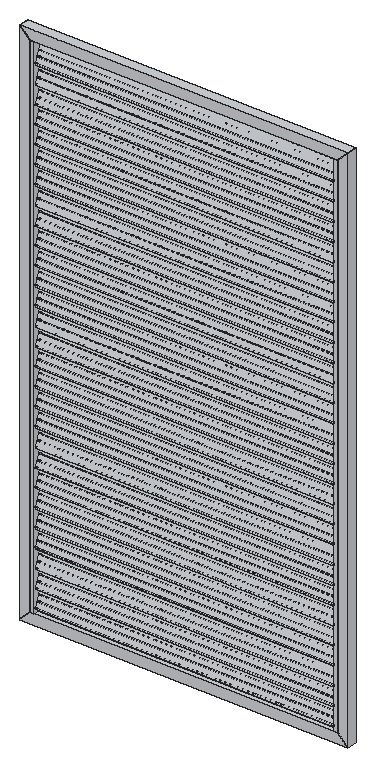
Revit family "95 Bella Vista Horizontal End Fixed", category Generic Models, Revit 2018 (continued)
Forms (mm)
  Extrusion 26, solid, material <- "Framing"
    sketch origin (0, 1.946, 1889.879) x (0, 0.999848, 0.017452) y (0, -0.017452, 0.999848)
      loop
        arc (-20.067, 68.319) -> (-19.684, 68.328) -> (-19.42, 68.604) r 0.5
        line (-19.42, 68.604) -> (-18.895, 69.956)
        arc (-18.895, 69.956) -> (-19.123, 70.473) -> (-19.641, 70.245) r 0.4
        line (-19.641, 70.245) -> (-19.985, 69.36) -> (-21.196, 69.831) -> (-19.169, 75.051) -> (-17.957, 74.58) -> (-18.265, 73.787)
        arc (-18.265, 73.787) -> (-18.037, 73.27) -> (-17.519, 73.498) r 0.4
        line (-17.519, 73.498) -> (-17.066, 74.663) -> (-9.376, 71.676) -> (22.489, 153.704) -> (16.57, 156.003)
    from -746.5 to 746.5
  Extrusion 27, solid, material <- "Framing"
    sketch origin (0, 1.946, 1979.879) x (0, 0.999848, 0.017452) y (0, -0.017452, 0.999848)
      loop
        arc (-4.719, 95.957) -> (-4.817, 99.085) -> (-7.001, 96.844) r 1.7
        arc (-7.001, 96.844) -> (-7.349, 95.993) -> (-8.2, 96.342) r 0.65
        arc (-8.2, 96.342) -> (-8.41, 97.135) -> (-8.398, 97.955) r 3
        line (-8.398, 97.955) -> (-9.746, 98.478) -> (-18.273, 76.527) -> (-10.117, 73.358) -> (-1.59, 95.31) -> (-2.938, 95.834)
        arc (-2.938, 95.834) -> (-3.482, 95.22) -> (-4.173, 94.777) r 3
        arc (-4.173, 94.777) -> (-5.036, 95.094) -> (-4.719, 95.957) r 0.65
      loop
        arc (7.925, 123.798) -> (4.344, 122.668) -> (2.465, 125.919) r 3
        line (2.465, 125.919) -> (1.117, 126.443) -> (-9.275, 99.69) -> (-7.927, 99.166)
        arc (-7.927, 99.166) -> (-4.346, 100.296) -> (-2.467, 97.045) r 3
        line (-2.467, 97.045) -> (-1.119, 96.522) -> (9.273, 123.274) -> (7.925, 123.798)
      loop
        arc (8.198, 126.623) -> (8.408, 125.83) -> (8.396, 125.01) r 3
        line (8.396, 125.01) -> (9.744, 124.486) -> (20.806, 152.963) -> (16.845, 154.502) -> (14.491, 148.443)
        arc (14.491, 148.443) -> (14.227, 148.166) -> (13.844, 148.158) r 0.5
        line (13.844, 148.158) -> (10.116, 149.606) -> (1.588, 127.654) -> (2.936, 127.131)
        arc (2.936, 127.131) -> (3.481, 127.744) -> (4.171, 128.187) r 3
        arc (4.171, 128.187) -> (5.034, 127.87) -> (4.717, 127.007) r 0.65
        arc (4.717, 127.007) -> (4.815, 123.88) -> (6.999, 126.121) r 1.7
        arc (6.999, 126.121) -> (7.347, 126.971) -> (8.198, 126.623) r 0.65
      loop
        arc (16.57, 156.003) -> (16.187, 155.995) -> (15.923, 155.718) r 0.5
        line (15.923, 155.718) -> (13.569, 149.659) -> (9.374, 151.289) -> (-22.491, 69.261) -> (-20.067, 68.319)
        arc (-20.067, 68.319) -> (-19.684, 68.328) -> (-19.42, 68.604) r 0.5
        line (-19.42, 68.604) -> (-18.895, 69.956)
        arc (-18.895, 69.956) -> (-19.123, 70.473) -> (-19.641, 70.245) r 0.4
        line (-19.641, 70.245) -> (-19.985, 69.36) -> (-21.196, 69.831) -> (-19.169, 75.051) -> (-17.957, 74.58) -> (-18.265, 73.787)
        arc (-18.265, 73.787) -> (-18.037, 73.27) -> (-17.519, 73.498) r 0.4
        line (-17.519, 73.498) -> (-17.066, 74.663) -> (-9.376, 71.676) -> (22.489, 153.704) -> (16.57, 156.003)
    from -746.5 to 746.5
  Extrusion 28, solid, material <- "Framing"
    sketch origin (0, 1.946, 2069.879) x (0, 0.999848, 0.017452) y (0, -0.017452, 0.999848)
      loop
        arc (-4.719, 95.957) -> (-4.817, 99.085) -> (-7.001, 96.844) r 1.7
        arc (-7.001, 96.844) -> (-7.349, 95.993) -> (-8.2, 96.342) r 0.65
        arc (-8.2, 96.342) -> (-8.41, 97.135) -> (-8.398, 97.955) r 3
        line (-8.398, 97.955) -> (-9.746, 98.478) -> (-18.273, 76.527) -> (-10.117, 73.358) -> (-1.59, 95.31) -> (-2.938, 95.834)
        arc (-2.938, 95.834) -> (-3.482, 95.22) -> (-4.173, 94.777) r 3
        arc (-4.173, 94.777) -> (-5.036, 95.094) -> (-4.719, 95.957) r 0.65
      loop
        arc (7.925, 123.798) -> (4.344, 122.668) -> (2.465, 125.919) r 3
        line (2.465, 125.919) -> (1.117, 126.443) -> (-9.275, 99.69) -> (-7.927, 99.166)
        arc (-7.927, 99.166) -> (-4.346, 100.296) -> (-2.467, 97.045) r 3
        line (-2.467, 97.045) -> (-1.119, 96.522) -> (9.273, 123.274) -> (7.925, 123.798)
      loop
        arc (8.198, 126.623) -> (8.408, 125.83) -> (8.396, 125.01) r 3
        line (8.396, 125.01) -> (9.744, 124.486) -> (20.806, 152.963) -> (16.845, 154.502) -> (14.491, 148.443)
        arc (14.491, 148.443) -> (14.227, 148.166) -> (13.844, 148.158) r 0.5
        line (13.844, 148.158) -> (10.116, 149.606) -> (1.588, 127.654) -> (2.936, 127.131)
        arc (2.936, 127.131) -> (3.481, 127.744) -> (4.171, 128.187) r 3
        arc (4.171, 128.187) -> (5.034, 127.87) -> (4.717, 127.007) r 0.65
        arc (4.717, 127.007) -> (4.815, 123.88) -> (6.999, 126.121) r 1.7
        arc (6.999, 126.121) -> (7.347, 126.971) -> (8.198, 126.623) r 0.65
      loop
        arc (16.57, 156.003) -> (16.187, 155.995) -> (15.923, 155.718) r 0.5
        line (15.923, 155.718) -> (13.569, 149.659) -> (9.374, 151.289) -> (-22.491, 69.261) -> (-20.067, 68.319)
        arc (-20.067, 68.319) -> (-19.684, 68.328) -> (-19.42, 68.604) r 0.5
        line (-19.42, 68.604) -> (-18.895, 69.956)
        arc (-18.895, 69.956) -> (-19.123, 70.473) -> (-19.641, 70.245) r 0.4
        line (-19.641, 70.245) -> (-19.985, 69.36) -> (-21.196, 69.831) -> (-19.169, 75.051) -> (-17.957, 74.58) -> (-18.265, 73.787)
        arc (-18.265, 73.787) -> (-18.037, 73.27) -> (-17.519, 73.498) r 0.4
        line (-17.519, 73.498) -> (-17.066, 74.663) -> (-9.376, 71.676) -> (22.489, 153.704) -> (16.57, 156.003)
    from -746.5 to 746.5
  Extrusion 29, solid, material <- "Framing"
    sketch origin (0, 1.946, 2159.879) x (0, 0.999848, 0.017452) y (0, -0.017452, 0.999848)
      loop
        arc (-4.719, 95.957) -> (-4.817, 99.085) -> (-7.001, 96.844) r 1.7
        arc (-7.001, 96.844) -> (-7.349, 95.993) -> (-8.2, 96.342) r 0.65
        arc (-8.2, 96.342) -> (-8.41, 97.135) -> (-8.398, 97.955) r 3
        line (-8.398, 97.955) -> (-9.746, 98.478) -> (-18.273, 76.527) -> (-10.117, 73.358) -> (-1.59, 95.31) -> (-2.938, 95.834)
        arc (-2.938, 95.834) -> (-3.482, 95.22) -> (-4.173, 94.777) r 3
        arc (-4.173, 94.777) -> (-5.036, 95.094) -> (-4.719, 95.957) r 0.65
      loop
        arc (7.925, 123.798) -> (4.344, 122.668) -> (2.465, 125.919) r 3
        line (2.465, 125.919) -> (1.117, 126.443) -> (-9.275, 99.69) -> (-7.927, 99.166)
        arc (-7.927, 99.166) -> (-4.346, 100.296) -> (-2.467, 97.045) r 3
        line (-2.467, 97.045) -> (-1.119, 96.522) -> (9.273, 123.274) -> (7.925, 123.798)
      loop
        arc (8.198, 126.623) -> (8.408, 125.83) -> (8.396, 125.01) r 3
        line (8.396, 125.01) -> (9.744, 124.486) -> (20.806, 152.963) -> (16.845, 154.502) -> (14.491, 148.443)
        arc (14.491, 148.443) -> (14.227, 148.166) -> (13.844, 148.158) r 0.5
        line (13.844, 148.158) -> (10.116, 149.606) -> (1.588, 127.654) -> (2.936, 127.131)
        arc (2.936, 127.131) -> (3.481, 127.744) -> (4.171, 128.187) r 3
        arc (4.171, 128.187) -> (5.034, 127.87) -> (4.717, 127.007) r 0.65
        arc (4.717, 127.007) -> (4.815, 123.88) -> (6.999, 126.121) r 1.7
        arc (6.999, 126.121) -> (7.347, 126.971) -> (8.198, 126.623) r 0.65
      loop
        arc (16.57, 156.003) -> (16.187, 155.995) -> (15.923, 155.718) r 0.5
        line (15.923, 155.718) -> (13.569, 149.659) -> (9.374, 151.289) -> (-22.491, 69.261) -> (-20.067, 68.319)
        arc (-20.067, 68.319) -> (-19.684, 68.328) -> (-19.42, 68.604) r 0.5
        line (-19.42, 68.604) -> (-18.895, 69.956)
        arc (-18.895, 69.956) -> (-19.123, 70.473) -> (-19.641, 70.245) r 0.4
        line (-19.641, 70.245) -> (-19.985, 69.36) -> (-21.196, 69.831) -> (-19.169, 75.051) -> (-17.957, 74.58) -> (-18.265, 73.787)
        arc (-18.265, 73.787) -> (-18.037, 73.27) -> (-17.519, 73.498) r 0.4
        line (-17.519, 73.498) -> (-17.066, 74.663) -> (-9.376, 71.676) -> (22.489, 153.704) -> (16.57, 156.003)
    from -746.5 to 746.5
  Extrusion 30, solid, material <- "Framing"
    sketch origin (0, 1.946, 2249.879) x (0, 0.999848, 0.017452) y (0, -0.017452, 0.999848)
      loop
        arc (-4.719, 95.957) -> (-4.817, 99.085) -> (-7.001, 96.844) r 1.7
        arc (-7.001, 96.844) -> (-7.349, 95.993) -> (-8.2, 96.342) r 0.65
        arc (-8.2, 96.342) -> (-8.41, 97.135) -> (-8.398, 97.955) r 3
        line (-8.398, 97.955) -> (-9.746, 98.478) -> (-18.273, 76.527) -> (-10.117, 73.358) -> (-1.59, 95.31) -> (-2.938, 95.834)
        arc (-2.938, 95.834) -> (-3.482, 95.22) -> (-4.173, 94.777) r 3
        arc (-4.173, 94.777) -> (-5.036, 95.094) -> (-4.719, 95.957) r 0.65
      loop
        arc (7.925, 123.798) -> (4.344, 122.668) -> (2.465, 125.919) r 3
        line (2.465, 125.919) -> (1.117, 126.443) -> (-9.275, 99.69) -> (-7.927, 99.166)
        arc (-7.927, 99.166) -> (-4.346, 100.296) -> (-2.467, 97.045) r 3
        line (-2.467, 97.045) -> (-1.119, 96.522) -> (9.273, 123.274) -> (7.925, 123.798)
      loop
        arc (8.198, 126.623) -> (8.408, 125.83) -> (8.396, 125.01) r 3
        line (8.396, 125.01) -> (9.744, 124.486) -> (20.806, 152.963) -> (16.845, 154.502) -> (14.491, 148.443)
        arc (14.491, 148.443) -> (14.227, 148.166) -> (13.844, 148.158) r 0.5
        line (13.844, 148.158) -> (10.116, 149.606) -> (1.588, 127.654) -> (2.936, 127.131)
        arc (2.936, 127.131) -> (3.481, 127.744) -> (4.171, 128.187) r 3
        arc (4.171, 128.187) -> (5.034, 127.87) -> (4.717, 127.007) r 0.65
        arc (4.717, 127.007) -> (4.815, 123.88) -> (6.999, 126.121) r 1.7
        arc (6.999, 126.121) -> (7.347, 126.971) -> (8.198, 126.623) r 0.65
      loop
        arc (16.57, 156.003) -> (16.187, 155.995) -> (15.923, 155.718) r 0.5
        line (15.923, 155.718) -> (13.569, 149.659) -> (9.374, 151.289) -> (-22.491, 69.261) -> (-20.067, 68.319)
        arc (-20.067, 68.319) -> (-19.684, 68.328) -> (-19.42, 68.604) r 0.5
        line (-19.42, 68.604) -> (-18.895, 69.956)
        arc (-18.895, 69.956) -> (-19.123, 70.473) -> (-19.641, 70.245) r 0.4
        line (-19.641, 70.245) -> (-19.985, 69.36) -> (-21.196, 69.831) -> (-19.169, 75.051) -> (-17.957, 74.58) -> (-18.265, 73.787)
        arc (-18.265, 73.787) -> (-18.037, 73.27) -> (-17.519, 73.498) r 0.4
        line (-17.519, 73.498) -> (-17.066, 74.663) -> (-9.376, 71.676) -> (22.489, 153.704) -> (16.57, 156.003)
    from -746.5 to 746.5
  Extrusion 31, solid, material <- "Framing"
    sketch origin (0, 1.946, 2339.879) x (0, 0.999848, 0.017452) y (0, -0.017452, 0.999848)
      loop
        arc (-4.719, 95.957) -> (-4.817, 99.085) -> (-7.001, 96.844) r 1.7
        arc (-7.001, 96.844) -> (-7.349, 95.993) -> (-8.2, 96.342) r 0.65
        arc (-8.2, 96.342) -> (-8.41, 97.135) -> (-8.398, 97.955) r 3
        line (-8.398, 97.955) -> (-9.746, 98.478) -> (-18.273, 76.527) -> (-10.117, 73.358) -> (-1.59, 95.31) -> (-2.938, 95.834)
        arc (-2.938, 95.834) -> (-3.482, 95.22) -> (-4.173, 94.777) r 3
        arc (-4.173, 94.777) -> (-5.036, 95.094) -> (-4.719, 95.957) r 0.65
      loop
        arc (7.925, 123.798) -> (4.344, 122.668) -> (2.465, 125.919) r 3
        line (2.465, 125.919) -> (1.117, 126.443) -> (-9.275, 99.69) -> (-7.927, 99.166)
        arc (-7.927, 99.166) -> (-4.346, 100.296) -> (-2.467, 97.045) r 3
        line (-2.467, 97.045) -> (-1.119, 96.522) -> (9.273, 123.274) -> (7.925, 123.798)
      loop
        arc (8.198, 126.623) -> (8.408, 125.83) -> (8.396, 125.01) r 3
        line (8.396, 125.01) -> (9.744, 124.486) -> (20.806, 152.963) -> (16.845, 154.502) -> (14.491, 148.443)
        arc (14.491, 148.443) -> (14.227, 148.166) -> (13.844, 148.158) r 0.5
        line (13.844, 148.158) -> (10.116, 149.606) -> (1.588, 127.654) -> (2.936, 127.131)
        arc (2.936, 127.131) -> (3.481, 127.744) -> (4.171, 128.187) r 3
        arc (4.171, 128.187) -> (5.034, 127.87) -> (4.717, 127.007) r 0.65
        arc (4.717, 127.007) -> (4.815, 123.88) -> (6.999, 126.121) r 1.7
        arc (6.999, 126.121) -> (7.347, 126.971) -> (8.198, 126.623) r 0.65
      loop
        arc (16.57, 156.003) -> (16.187, 155.995) -> (15.923, 155.718) r 0.5
        line (15.923, 155.718) -> (13.569, 149.659) -> (9.374, 151.289) -> (-22.491, 69.261) -> (-20.067, 68.319)
        arc (-20.067, 68.319) -> (-19.684, 68.328) -> (-19.42, 68.604) r 0.5
        line (-19.42, 68.604) -> (-18.895, 69.956)
        arc (-18.895, 69.956) -> (-19.123, 70.473) -> (-19.641, 70.245) r 0.4
        line (-19.641, 70.245) -> (-19.985, 69.36) -> (-21.196, 69.831) -> (-19.169, 75.051) -> (-17.957, 74.58) -> (-18.265, 73.787)
        arc (-18.265, 73.787) -> (-18.037, 73.27) -> (-17.519, 73.498) r 0.4
        line (-17.519, 73.498) -> (-17.066, 74.663) -> (-9.376, 71.676) -> (22.489, 153.704) -> (16.57, 156.003)
    from -746.5 to 746.5
  Extrusion 32, solid, material <- "Framing"
    sketch origin (0, 1.946, 2429.879) x (0, 0.999848, 0.017452) y (0, -0.017452, 0.999848)
      loop
        arc (-4.719, 95.957) -> (-4.817, 99.085) -> (-7.001, 96.844) r 1.7
        arc (-7.001, 96.844) -> (-7.349, 95.993) -> (-8.2, 96.342) r 0.65
        arc (-8.2, 96.342) -> (-8.41, 97.135) -> (-8.398, 97.955) r 3
        line (-8.398, 97.955) -> (-9.746, 98.478) -> (-18.273, 76.527) -> (-10.117, 73.358) -> (-1.59, 95.31) -> (-2.938, 95.834)
        arc (-2.938, 95.834) -> (-3.482, 95.22) -> (-4.173, 94.777) r 3
        arc (-4.173, 94.777) -> (-5.036, 95.094) -> (-4.719, 95.957) r 0.65
      loop
        arc (7.925, 123.798) -> (4.344, 122.668) -> (2.465, 125.919) r 3
        line (2.465, 125.919) -> (1.117, 126.443) -> (-9.275, 99.69) -> (-7.927, 99.166)
        arc (-7.927, 99.166) -> (-4.346, 100.296) -> (-2.467, 97.045) r 3
        line (-2.467, 97.045) -> (-1.119, 96.522) -> (9.273, 123.274) -> (7.925, 123.798)
      loop
        arc (8.198, 126.623) -> (8.408, 125.83) -> (8.396, 125.01) r 3
        line (8.396, 125.01) -> (9.744, 124.486) -> (20.806, 152.963) -> (16.845, 154.502) -> (14.491, 148.443)
        arc (14.491, 148.443) -> (14.227, 148.166) -> (13.844, 148.158) r 0.5
        line (13.844, 148.158) -> (10.116, 149.606) -> (1.588, 127.654) -> (2.936, 127.131)
        arc (2.936, 127.131) -> (3.481, 127.744) -> (4.171, 128.187) r 3
        arc (4.171, 128.187) -> (5.034, 127.87) -> (4.717, 127.007) r 0.65
        arc (4.717, 127.007) -> (4.815, 123.88) -> (6.999, 126.121) r 1.7
        arc (6.999, 126.121) -> (7.347, 126.971) -> (8.198, 126.623) r 0.65
      loop
        arc (16.57, 156.003) -> (16.187, 155.995) -> (15.923, 155.718) r 0.5
        line (15.923, 155.718) -> (13.569, 149.659) -> (9.374, 151.289) -> (-22.491, 69.261) -> (-20.067, 68.319)
        arc (-20.067, 68.319) -> (-19.684, 68.328) -> (-19.42, 68.604) r 0.5
        line (-19.42, 68.604) -> (-18.895, 69.956)
        arc (-18.895, 69.956) -> (-19.123, 70.473) -> (-19.641, 70.245) r 0.4
        line (-19.641, 70.245) -> (-19.985, 69.36) -> (-21.196, 69.831) -> (-19.169, 75.051) -> (-17.957, 74.58) -> (-18.265, 73.787)
        arc (-18.265, 73.787) -> (-18.037, 73.27) -> (-17.519, 73.498) r 0.4
        line (-17.519, 73.498) -> (-17.066, 74.663) -> (-9.376, 71.676) -> (22.489, 153.704) -> (16.57, 156.003)
    from -746.5 to 746.5
  Extrusion 33, solid, material <- "Framing"
    sketch origin (0, 25, 0) x (1, 0, 0) y (0, 0, 1)
      loop
        line (-815.086, 0) -> (815.086, 0) -> (765.086, 50) -> (-765.086, 50) -> (-815.086, 0)
      loop
        line (-816.5, 2652.586) -> (-816.5, 1.414) -> (-766.5, 51.414) -> (-766.5, 2602.586) -> (-816.5, 2652.586)
      loop
        line (815.086, 2654) -> (-815.086, 2654) -> (-765.086, 2604) -> (765.086, 2604) -> (815.086, 2654)
      loop
        line (816.5, 1.414) -> (816.5, 2652.586) -> (766.5, 2602.586) -> (766.5, 51.414) -> (816.5, 1.414)
    from 0 to 50
Dimensions and locks
  equal spacing: group 1, group 2, group 3, group 4, group 5, group 6, group 7, group 8, group 9, group 10, group 11, group 12, group 13, group 14, group 15, group 16, group 17, group 18, group 19, group 20, group 21, group 22, group 23, group 24, group 25, group 26, group 27, group 28  (x3)
  locked: plane 5 to plane 7 at 50
  locked: plane 6 to plane 8 at 50
  locked: plane 7 to plane 10 at 20
  locked: plane 8 to plane 9 at 20
  equal spacing: plane 10, plane 3 "Center (Left/Right)", plane 9
  plane 5 to plane 6 = 1633 mm
  "Height": plane 4 to plane 2
  plane 4 to plane 2 = 2654 mm
  aligned and locked: level to plane 2
  aligned and locked: plane 10 to Extrusion 1
  aligned and locked: Extrusion 1 to Extrusion 3
  aligned and locked: plane 10 to Extrusion 5
  aligned and locked: plane 9 to Extrusion 5
  aligned and locked: plane 10 to Extrusion 4
  aligned and locked: plane 9 to Extrusion 4
Automatic sketch dimensions
  Extrusion 2 sketch curve to plane 7 = 0 mm  (x2)
  Extrusion 2 sketch curve to plane 10 = 0 mm
  plane 10 to Extrusion 2 sketch curve = 3 mm
  plane 1 "Center (Front/Back)" to Extrusion 2 sketch curve = 25 mm
  Extrusion 2 sketch curve to Extrusion 2 sketch curve = 3 mm  (x2)
  Extrusion 2 sketch curve to plane 1 "Center (Front/Back)" = 22 mm
  Extrusion 3 sketch curve to plane 8 = 0 mm  (x2)
  Extrusion 3 sketch curve to plane 9 = 0 mm
  Extrusion 3 sketch curve to plane 9 = 3 mm
  Extrusion 3 sketch curve to plane 1 "Center (Front/Back)" = 25 mm
  Extrusion 3 sketch curve to Extrusion 3 sketch curve = 3 mm  (x2)
  plane 1 "Center (Front/Back)" to Extrusion 3 sketch curve = 22 mm
  Extrusion 4 sketch curve to plane 1 "Center (Front/Back)" = 0 mm
  Extrusion 4 sketch curve to plane 1 "Center (Front/Back)" = 1.6 mm
  Extrusion 4 sketch curve to Extrusion 4 sketch curve = 18.4 mm
  level to Extrusion 4 sketch curve = 50 mm
  Extrusion 4 sketch curve to Extrusion 4 sketch curve = 1.6 mm
  Extrusion 4 sketch curve to Extrusion 4 sketch curve = 30.4 mm
  Extrusion 5 sketch curve to plane 1 "Center (Front/Back)" = 23.313 mm
  Extrusion 5 sketch curve to Extrusion 5 sketch curve = 1.6 mm  (x2)
  Extrusion 5 sketch curve to plane 1 "Center (Front/Back)" = 3.313 mm
  plane 4 to Extrusion 5 sketch curve = 50 mm
  Extrusion 5 sketch curve to Extrusion 5 sketch curve = 30.4 mm
  plane 5 to Extrusion 33 sketch curve = 0 mm
  Extrusion 33 sketch curve to plane 4 = 0 mm
  Extrusion 33 sketch curve to level = 0 mm
  plane 7 to Extrusion 33 sketch curve = 0 mm
  Extrusion 33 sketch curve to plane 8 = 0 mm
  Extrusion 33 sketch curve to plane 6 = 0 mm
  Extrusion 33 sketch curve to plane 5 = 1.414 mm  (x2)
  Extrusion 33 sketch curve to plane 7 = 1.414 mm  (x2)
  Extrusion 33 sketch curve to plane 8 = 1.414 mm  (x2)
  Extrusion 33 sketch curve to plane 6 = 1.414 mm  (x2)
  level to Extrusion 33 sketch curve = 1.414 mm  (x2)
  level to Extrusion 33 sketch curve = 50 mm
  Extrusion 33 sketch curve to Extrusion 33 sketch curve = 1.414 mm  (x3)
  plane 4 to Extrusion 33 sketch curve = 51.414 mm  (x2)
  plane 4 to Extrusion 33 sketch curve = 1.414 mm  (x2)
